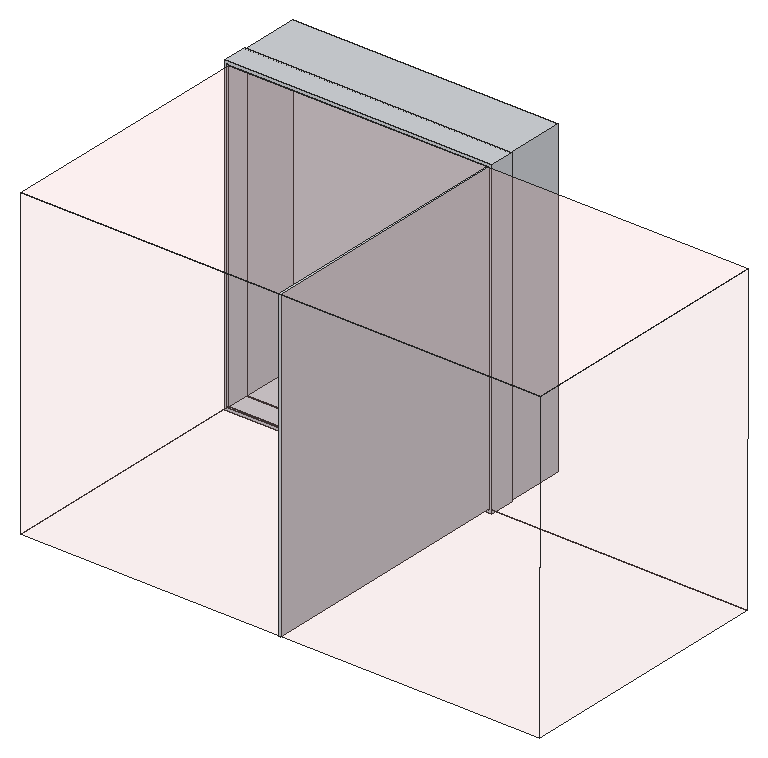
Revit family "Hager-PABLO-Flush_mounted-IP40-With_Cover-With_DIN-NoHosted-IT-it", category Electrical Equipment, Revit 2023
Family settings
  Panel Configuration = Two Columns, Circuits Across
  Round Connector Dimension = Use Diameter
  Part Type = Panelboard
  Work Plane-Based = Yes
  Always vertical = Yes
  Cut with Voids When Loaded = No
  Maintain Annotation Orientation = No
  Shared = No
  Room Calculation Point = No
Parameters (values of type "PABLO-Flush_mounted_W345_H425_D109_12_Modular_Spacing-B04104")
  Width Control [instance] = if([HG000006-Flush mounted-it], if([EF000846 - Larghezza di montaggio] > min_whd, [EF000846 - Larghezza di montaggio], min_whd), if([EF000008 - Larghezza] > min_whd, ([EF000008 - Larghezza]), min_whd))  # 345 mm
  Void Depth [instance] = if([EF000218 - Profondità di incasso] > 1 mm, [EF000218 - Profondità di incasso], 1 mm)  # 77 mm
  Uniformat code = "D501001"
  Uniformat = "Low Tension Service & Dist."
  Référence = ""
  HGEF0002950-Numero moduli DIN = 12
  HGEF000266-Numero di file = 2
  HG000131 - Functional label [instance] = ""
  HG000130 - Functional name [instance] = ""
  HG000099-Onfly Template ID-it-IT = "507532"
  HG000059-Operating voltage-it-IT [instance] = 230 V
  HG000017-Distance between poles-it = 18 mm
  HG000016-Door 3D visibility-it = yes
  HG000015-Clearance visibility-it = yes
  HG000014-Door on the right-it = yes
  HG000013-Door on the left-it = not([HG000014-Door on the right-it])  # no
  HG000012-Door swing angle-it = 90.00°
  HG000011-Empty rows from bottom-it = no
  HG000010-Asymmetric doors-it = no
  HG000009-Double swing door-it = no
  HG000008-Number of empty rows-it = 0
  HG000007-Number of empty columns-it = 0
  HG000006-Flush mounted-it = yes
  HG000005-Thickness-it = 2 mm
  HG000004-Manufacturer reference-it = "B04104"
  HG000003-Range-it = "PABLO"
  HG000002-with door or cover-it = yes
  HG000001 - Numero di colonne = 0
  ETIM class name = "Small distribution board"
  ETIM class code = "EC000214"
  EF015941 - Segnale di passaggio porta = no
  EF015777 - Morsettiera neutra = no
  EF015776 - Morsettiera di terra = no
  EF009212 - Esecuzione coperchio = ""
  EF006306 - Con serratura = no
  EF006244 - Coperchio/porta trasparente = no
  EF005474 - Grado di protezione (IP) = "IP40"
  EF004464 - Tipo di porta = ""
  EF004462 - Tipo di chiusura = ""
  EF002950 - Numero moduli DIN = 12
  EF001596 - Materiale del corpo = ""
  EF001134 - Barra DIN = yes
  EF001131 - Profondità interna = 0 mm
  EF001088 - Possibilità di applicazione = no
  EF001062 - Esecuzione EMC = no
  EF000846 - Larghezza di montaggio = 345 mm
  EF000339 - Tipo di copertura = ""
  EF000332 - Altezza della parte incassata = 405 mm
  EF000266 - Numero di file = 2
  EF000218 - Profondità di incasso = 77 mm
  EF000118 - Con piastra di montaggio = no
  EF000116 - Numero RAL = 9016
  EF000049 - Profondità = 109 mm
  EF000040 - Altezza = 425 mm
  EF000024 - Resistente ai raggi UV = no
  EF000008 - Larghezza = 345 mm
  Type Comments = ""
  System Height [instance] = Height Control - 2 * [HG000005-Thickness-it]  # 401 mm
  Reference description = ""
  Reference = "Template-Enclosure_EU-EC000214"
  Panel Name [instance] = ""  # (empty or 0)
  Offset [instance] = 0 mm
  Object type = ""
  Name hager = "ADD_Enclosures_EC000214"
  Name BIM&CO = "Electricity"
  Name = ""
  Model = ""
  Level Offset [instance] = [Flush Mounted - Door Frame Width] + Offset  # 20 mm
  HG000060-RAL-number = "9016"
  GTIN (Global Trade Item Number) = ""
  EF000007 - Colore = ""
  EF000003 - Tipo di montaggio = "Incassato"
  Description = ""
  Default Elevation = 1200 mm
  Creation Date = ""
  Code hager = "ADD-EC000214_EU"
  Code Uniformat = ""
  BIM&CO code = ""
  BC_METADATA = "{\"ObjectGuid\":\"2a0cc614-8ccd-46e7-b0f1-7b8e4291b305\",\"ModelGuid\":\"4fddb95c-943d-4a19-9faf-58cc779e7682\",\"VariantGuid\":\"d0a759b0-f4a8-4738-b515-9f91f7cdd338\",\"Revision\":\"#6\",\"VariantName\":\"PABLO-Flush_mounted_W345_H425_D109_12_Modular_Spacing-B04104\"}"
  Arrow Offset [instance] = Depth Control / 8  # 9.625 mm
  Arrow Height [instance] = Depth Control - Arrow Offset  # 67.375 mm
  Host Offset [instance] = if([HG000006-Flush mounted-it], 0 mm, [EF000049 - Profondità])  # 0 mm
  min_whd [instance] = (2 * [HG000005-Thickness-it]) + 1 mm  # 5 mm
  Manufacturer = "Hager"  # constant formula
  Height Control [instance] = if([HG000006-Flush mounted-it], if([EF000332 - Altezza della parte incassata] > min_whd, [EF000332 - Altezza della parte incassata], min_whd), if([EF000040 - Altezza] > min_whd, ([EF000040 - Altezza]), min_whd))  # 405 mm
  Flush Mounted - Door Frame Width [instance] = if(([EF000040 - Altezza] - [EF000332 - Altezza della parte incassata]) > 0 mm, if([HG000006-Flush mounted-it], [EF000040 - Altezza] - [EF000332 - Altezza della parte incassata], 0 mm), 0 mm)  # 20 mm
  Depth Control [instance] = if([HG000006-Flush mounted-it], if([EF000218 - Profondità di incasso] > 0 mm, [EF000218 - Profondità di incasso], 1 mm), if([EF000049 - Profondità] > 0 mm, ([EF000049 - Profondità]), 1 mm))  # 77 mm
Types (18, lengths in mm): name | Width Control | Void Depth | HGEF0002950-Numero moduli DIN | HGEF000266-Numero di file | HG000004-Manufacturer reference-it | EF006244 - Coperchio/porta trasparente | EF002950 - Numero moduli DIN | EF000846 - Larghezza di montaggio | EF000332 - Altezza della parte incassata | EF000266 - Numero di file | EF000218 - Profondità di incasso | EF000116 - Numero RAL | EF000049 - Profondità | EF000040 - Altezza | EF000008 - Larghezza | System Height | Level Offset | HG000060-RAL-number | BC_METADATA | Arrow Offset | Arrow Height | Height Control | Flush Mounted - Door Frame Width | Depth Control
  PABLO-Flush_mounted_W345_H425_D109_12_Modular_Spacing-B04104 | 345 | 77 | 12 | 2 | "B04104" | no | 12 | 345 | 405 | 2 | 77 | 9016 | 109 | 425 | 345 | 401 | 20 | "9016" | "{\"ObjectGuid\":\"2a0cc614-8ccd-46e7-b0f1-7b8e4291b305\",\"ModelGuid\":\"4fddb95c-943d-4a19-9faf-58cc779e7682\",\"VariantGuid\":\"d0a759b0-f4a8-4738-b515-9f91f7cdd338\",\"Revision\":\"#6\",\"VariantName\":\"PABLO-Flush_mounted_W345_H425_D109_12_Modular_Spacing-B04104\"}" | 9.625 | 67.375 | 405 | 20 | 77
  PABLO-Flush_mounted_W455_H475_D114_12_Modular_Spacing-B04105 | 455 | 77 | 12 | 2 | "B04105" | no | 12 | 455 | 455 | 2 | 77 | 9016 | 114 | 475 | 455 | 451 | 20 | "9016" | "{\"ObjectGuid\":\"2a0cc614-8ccd-46e7-b0f1-7b8e4291b305\",\"ModelGuid\":\"4fddb95c-943d-4a19-9faf-58cc779e7682\",\"VariantGuid\":\"68bf7635-be27-4574-8cf1-d07818dea149\",\"Revision\":\"#6\",\"VariantName\":\"PABLO-Flush_mounted_W455_H475_D114_12_Modular_Spacing-B04105\"}" | 9.625 | 67.375 | 455 | 20 | 77
  PABLO-Flush_mounted_W175_H191_D25_0_Modular_Spacing-B04941 | 175 | 16 | 0 | 0 | "B04941" | no | 0 | 175 | 160 | 0 | 16 | 0 | 25 | 191 | 175 | 156 | 31 | "0" | "{\"ObjectGuid\":\"2a0cc614-8ccd-46e7-b0f1-7b8e4291b305\",\"ModelGuid\":\"4fddb95c-943d-4a19-9faf-58cc779e7682\",\"VariantGuid\":\"f8ae05e7-7d22-488d-8c00-bb9b22f0254a\",\"Revision\":\"#6\",\"VariantName\":\"PABLO-Flush_mounted_W175_H191_D25_0_Modular_Spacing-B04941\"}" | 2 | 14 | 160 | 31 | 16
  PABLO-Flush_mounted_W211_H191_D25_0_Modular_Spacing-B04942 | 211 | 16 | 0 | 0 | "B04942" | no | 0 | 211 | 160 | 0 | 16 | 9016 | 25 | 191 | 211 | 156 | 31 | "9016" | "{\"ObjectGuid\":\"2a0cc614-8ccd-46e7-b0f1-7b8e4291b305\",\"ModelGuid\":\"4fddb95c-943d-4a19-9faf-58cc779e7682\",\"VariantGuid\":\"1a511315-7559-42e8-87d4-9b78164af7ee\",\"Revision\":\"#6\",\"VariantName\":\"PABLO-Flush_mounted_W211_H191_D25_0_Modular_Spacing-B04942\"}" | 2 | 14 | 160 | 31 | 16
  PABLO-Flush_mounted_W280_H235_D25_0_Modular_Spacing-B04943 | 280 | 16 | 0 | 0 | "B04943" | no | 0 | 280 | 160 | 0 | 16 | 0 | 25 | 235 | 280 | 156 | 75 | "0" | "{\"ObjectGuid\":\"2a0cc614-8ccd-46e7-b0f1-7b8e4291b305\",\"ModelGuid\":\"4fddb95c-943d-4a19-9faf-58cc779e7682\",\"VariantGuid\":\"63e16b07-1304-41dc-b4d2-54931c352868\",\"Revision\":\"#6\",\"VariantName\":\"PABLO-Flush_mounted_W280_H235_D25_0_Modular_Spacing-B04943\"}" | 2 | 14 | 160 | 75 | 16
  PABLO-Flush_mounted_W352_H275_D25_12_Modular_Spacing-B04944 | 352 | 16 | 12 | 1 | "B04944" | no | 12 | 352 | 160 | 1 | 16 | 9016 | 25 | 275 | 352 | 156 | 115 | "9016" | "{\"ObjectGuid\":\"2a0cc614-8ccd-46e7-b0f1-7b8e4291b305\",\"ModelGuid\":\"4fddb95c-943d-4a19-9faf-58cc779e7682\",\"VariantGuid\":\"38bd699e-2bfe-4431-8154-4ddebf2d1a15\",\"Revision\":\"#6\",\"VariantName\":\"PABLO-Flush_mounted_W352_H275_D25_12_Modular_Spacing-B04944\"}" | 2 | 14 | 160 | 115 | 16
  PABLO-Flush_mounted_W460_H275_D25_18_Modular_Spacing-B04945 | 460 | 16 | 18 | 1 | "B04945" | no | 18 | 460 | 160 | 1 | 16 | 9016 | 25 | 275 | 460 | 156 | 115 | "9016" | "{\"ObjectGuid\":\"2a0cc614-8ccd-46e7-b0f1-7b8e4291b305\",\"ModelGuid\":\"4fddb95c-943d-4a19-9faf-58cc779e7682\",\"VariantGuid\":\"efdca5af-6dd7-4c6c-960d-ea80e91ee410\",\"Revision\":\"#6\",\"VariantName\":\"PABLO-Flush_mounted_W460_H275_D25_18_Modular_Spacing-B04945\"}" | 2 | 14 | 160 | 115 | 16
  PABLO-Flush_mounted_W352_H425_D25_12_Modular_Spacing-B04946 | 352 | 16 | 12 | 2 | "B04946" | no | 12 | 352 | 405 | 2 | 16 | 9016 | 25 | 425 | 352 | 401 | 20 | "9016" | "{\"ObjectGuid\":\"2a0cc614-8ccd-46e7-b0f1-7b8e4291b305\",\"ModelGuid\":\"4fddb95c-943d-4a19-9faf-58cc779e7682\",\"VariantGuid\":\"54bf27ca-efac-4af1-8742-6c2701148a03\",\"Revision\":\"#6\",\"VariantName\":\"PABLO-Flush_mounted_W352_H425_D25_12_Modular_Spacing-B04946\"}" | 2 | 14 | 405 | 20 | 16
  PABLO-Flush_mounted_W352_H575_D25_12_Modular_Spacing-B04947 | 352 | 16 | 12 | 3 | "B04947" | no | 12 | 352 | 405 | 3 | 16 | 9016 | 25 | 575 | 352 | 401 | 170 | "9016" | "{\"ObjectGuid\":\"2a0cc614-8ccd-46e7-b0f1-7b8e4291b305\",\"ModelGuid\":\"4fddb95c-943d-4a19-9faf-58cc779e7682\",\"VariantGuid\":\"6db7cb3e-69b2-49d6-a8cc-02b7af286175\",\"Revision\":\"#6\",\"VariantName\":\"PABLO-Flush_mounted_W352_H575_D25_12_Modular_Spacing-B04947\"}" | 2 | 14 | 405 | 170 | 16
  PABLO-Flush_mounted_W460_H575_D25_18_Modular_Spacing-B04948 | 460 | 16 | 18 | 3 | "B04948" | no | 18 | 460 | 405 | 3 | 16 | 9016 | 25 | 575 | 460 | 401 | 170 | "9016" | "{\"ObjectGuid\":\"2a0cc614-8ccd-46e7-b0f1-7b8e4291b305\",\"ModelGuid\":\"4fddb95c-943d-4a19-9faf-58cc779e7682\",\"VariantGuid\":\"1864942c-5e8d-467c-8965-4e9db0fd6af0\",\"Revision\":\"#6\",\"VariantName\":\"PABLO-Flush_mounted_W460_H575_D25_18_Modular_Spacing-B04948\"}" | 2 | 14 | 405 | 170 | 16
  PABLO-Flush_mounted_W175_H191_D25_0_Modular_Spacing-B04951 | 175 | 16 | 0 | 0 | "B04951" | no | 0 | 175 | 160 | 0 | 16 | 9016 | 25 | 191 | 175 | 156 | 31 | "9016" | "{\"ObjectGuid\":\"2a0cc614-8ccd-46e7-b0f1-7b8e4291b305\",\"ModelGuid\":\"4fddb95c-943d-4a19-9faf-58cc779e7682\",\"VariantGuid\":\"d37d6247-f035-4e03-92b8-f2be67cb451b\",\"Revision\":\"#6\",\"VariantName\":\"PABLO-Flush_mounted_W175_H191_D25_0_Modular_Spacing-B04951\"}" | 2 | 14 | 160 | 31 | 16
  PABLO-Flush_mounted_W211_H191_D25_0_Modular_Spacing-B04952 | 211 | 16 | 0 | 0 | "B04952" | no | 0 | 211 | 160 | 0 | 16 | 0 | 25 | 191 | 211 | 156 | 31 | "0" | "{\"ObjectGuid\":\"2a0cc614-8ccd-46e7-b0f1-7b8e4291b305\",\"ModelGuid\":\"4fddb95c-943d-4a19-9faf-58cc779e7682\",\"VariantGuid\":\"da64da52-9e45-4a0c-b1bc-2abe69471082\",\"Revision\":\"#6\",\"VariantName\":\"PABLO-Flush_mounted_W211_H191_D25_0_Modular_Spacing-B04952\"}" | 2 | 14 | 160 | 31 | 16
  PABLO-Flush_mounted_W280_H235_D25_0_Modular_Spacing-B04953 | 280 | 16 | 0 | 0 | "B04953" | no | 0 | 280 | 160 | 0 | 16 | 0 | 25 | 235 | 280 | 156 | 75 | "0" | "{\"ObjectGuid\":\"2a0cc614-8ccd-46e7-b0f1-7b8e4291b305\",\"ModelGuid\":\"4fddb95c-943d-4a19-9faf-58cc779e7682\",\"VariantGuid\":\"04f6d75d-a5db-4a7d-9b06-88772c7f0458\",\"Revision\":\"#6\",\"VariantName\":\"PABLO-Flush_mounted_W280_H235_D25_0_Modular_Spacing-B04953\"}" | 2 | 14 | 160 | 75 | 16
  PABLO-Flush_mounted_W352_H275_D25_12_Modular_Spacing-B04954 | 352 | 16 | 12 | 1 | "B04954" | yes | 12 | 352 | 160 | 1 | 16 | 7031 | 25 | 275 | 352 | 156 | 115 | "7031" | "{\"ObjectGuid\":\"2a0cc614-8ccd-46e7-b0f1-7b8e4291b305\",\"ModelGuid\":\"4fddb95c-943d-4a19-9faf-58cc779e7682\",\"VariantGuid\":\"9aff3c40-16b7-444d-9749-3d02937ebfa8\",\"Revision\":\"#6\",\"VariantName\":\"PABLO-Flush_mounted_W352_H275_D25_12_Modular_Spacing-B04954\"}" | 2 | 14 | 160 | 115 | 16
  PABLO-Flush_mounted_W460_H275_D25_18_Modular_Spacing-B04955 | 460 | 16 | 18 | 1 | "B04955" | no | 18 | 460 | 160 | 1 | 16 | 7031 | 25 | 275 | 460 | 156 | 115 | "7031" | "{\"ObjectGuid\":\"2a0cc614-8ccd-46e7-b0f1-7b8e4291b305\",\"ModelGuid\":\"4fddb95c-943d-4a19-9faf-58cc779e7682\",\"VariantGuid\":\"005ddf15-3d6e-415e-8efa-e8c4e5e456d6\",\"Revision\":\"#6\",\"VariantName\":\"PABLO-Flush_mounted_W460_H275_D25_18_Modular_Spacing-B04955\"}" | 2 | 14 | 160 | 115 | 16
  PABLO-Flush_mounted_W352_H425_D25_12_Modular_Spacing-B04956 | 352 | 16 | 12 | 2 | "B04956" | yes | 12 | 352 | 405 | 2 | 16 | 7031 | 25 | 425 | 352 | 401 | 20 | "7031" | "{\"ObjectGuid\":\"2a0cc614-8ccd-46e7-b0f1-7b8e4291b305\",\"ModelGuid\":\"4fddb95c-943d-4a19-9faf-58cc779e7682\",\"VariantGuid\":\"48c81d81-7748-4f12-a12d-f8632c246ebc\",\"Revision\":\"#6\",\"VariantName\":\"PABLO-Flush_mounted_W352_H425_D25_12_Modular_Spacing-B04956\"}" | 2 | 14 | 405 | 20 | 16
  PABLO-Flush_mounted_W352_H575_D25_12_Modular_Spacing-B04957 | 352 | 16 | 12 | 3 | "B04957" | no | 12 | 352 | 405 | 3 | 16 | 7031 | 25 | 575 | 352 | 401 | 170 | "7031" | "{\"ObjectGuid\":\"2a0cc614-8ccd-46e7-b0f1-7b8e4291b305\",\"ModelGuid\":\"4fddb95c-943d-4a19-9faf-58cc779e7682\",\"VariantGuid\":\"5eda7519-29e3-4116-9e22-2b3b6889a34a\",\"Revision\":\"#6\",\"VariantName\":\"PABLO-Flush_mounted_W352_H575_D25_12_Modular_Spacing-B04957\"}" | 2 | 14 | 405 | 170 | 16
  PABLO-Flush_mounted_W460_H575_D25_18_Modular_Spacing-B04958 | 460 | 16 | 18 | 3 | "B04958" | yes | 18 | 460 | 405 | 3 | 16 | 7031 | 25 | 575 | 460 | 401 | 170 | "7031" | "{\"ObjectGuid\":\"2a0cc614-8ccd-46e7-b0f1-7b8e4291b305\",\"ModelGuid\":\"4fddb95c-943d-4a19-9faf-58cc779e7682\",\"VariantGuid\":\"0cd62faf-5b9f-4e52-b711-824379da4e94\",\"Revision\":\"#6\",\"VariantName\":\"PABLO-Flush_mounted_W460_H575_D25_18_Modular_Spacing-B04958\"}" | 2 | 14 | 405 | 170 | 16
Reference planes
  plane 1 "Center (Front/Back)": y = 0
  plane 2: z = 0
  plane 3 "Center (Left/Right)": x = 0
  plane 4: y = 22
  plane 5: y = 77
  plane 6: y = 20
  plane 7: z = 0
  plane 8: x = -172.5
  plane 9: x = 172.5
  plane 10: x = 170.5
  plane 11: x = -170.5
  plane 12: z = 20
  plane 13: z = 22
  plane 14: y = 5
  plane 15: y = 0
  plane 16: y = 75
  plane 17: z = 423
  plane 18: z = 425
  plane 19: z = 222.5
  plane 20: x = 0
  plane 21: y = -100
  plane 22 "Annotation H": y = -300
  plane 23 "Annotation V": x = 372.5
Forms (mm)
  Extrusion 1, solid
    sketch origin (-208.679, -4572, 20) x (-1, 0, 0) y (0, -1, 0)
      loop
        line (-36.179, -4572) -> (-381.179, -4572) -> (-381.179, -4649) -> (-36.179, -4649) -> (-36.179, -4572)
    from 0 to 405 <- "Height Control"
  Extrusion 2, void
    sketch origin (-350.771, 0, 1219.2) x (1, 0, 0) y (0, 0, 1)
      loop
        line (180.271, -796.2) -> (180.271, -1197.2) -> (521.271, -1197.2) -> (521.271, -796.2) -> (180.271, -796.2)
    from 0 to -75
  Extrusion 3, solid, detail levels coarse+medium
    sketch origin (-350.771, 0, 1219.2) x (-1, 0, 0) y (0, 0, 1)
      loop
        line (-180.271, -796.2) -> (-521.271, -796.2) -> (-521.271, -1197.2) -> (-180.271, -1197.2) -> (-180.271, -796.2)
    from 0 to 2 <- "HG000005-Thickness-it"
Cuts and joins
  Extrusion 2 cuts Extrusion 1
Dimensions and locks
  "Flush Mounted - Door Frame Width": plane 1 "Center (Front/Back)" to plane 6
  "HG000005-Thickness-it": plane 4 to plane 6
  "HG000005-Thickness-it": plane 8 to plane 11
  "HG000005-Thickness-it": plane 9 to plane 10
  equal spacing: plane 8, plane 3 "Center (Left/Right)", plane 9
  "Width Control": plane 8 to plane 9
  locked: plane 14 to plane 15 at 5
  "Host Offset": plane 1 "Center (Front/Back)" to plane 15
  "Depth Control": plane 5 to plane 15
  "HG000005-Thickness-it": plane 5 to plane 16
  "HG000005-Thickness-it": plane 13 to plane 12
  "Level Offset": plane 12 to level
  "HG000005-Thickness-it": plane 18 to plane 17
  "Height Control": plane 18 to plane 12
  "Arrow Offset": plane 5 to nested 4
  equal spacing: plane 18, plane 19, plane 12
  locked: connector elem to plane 19
  locked: connector elem to plane 3 "Center (Left/Right)"
  Extrusion 2 sketch curve to Extrusion 2 sketch curve to plane 9 = 341 mm, 2 mm
  locked: plane 9 to plane 23 "Annotation V" at 200
  locked: plane 22 "Annotation H" to plane 1 "Center (Front/Back)" at 300
  aligned and locked: nested 1 to plane 14
  aligned and locked: plane 3 "Center (Left/Right)" to nested 1
  aligned and locked: plane 3 "Center (Left/Right)" to nested 2
  aligned and locked: nested 2 to plane 15
  aligned and locked: plane 5 to Extrusion 1
  aligned and locked: Extrusion 3 sketch curve to plane 17
  aligned and locked: Extrusion 3 sketch curve to plane 11
  aligned and locked: plane 13 to Extrusion 3 sketch curve
  aligned and locked: Extrusion 3 sketch curve to plane 10
  aligned and locked: plane 13 to Extrusion 2 sketch curve
  aligned and locked: Extrusion 2 sketch curve to plane 17
  aligned and locked: plane 16 to Extrusion 2
  aligned and locked: plane 5 to Extrusion 1 sketch curve
  aligned and locked: plane 9 to Extrusion 1 sketch curve
  aligned and locked: plane 8 to Extrusion 1 sketch curve
  aligned and locked: plane 8 to nested 4
  aligned and locked: plane 8 to nested 3
  aligned and locked: nested 3 to plane 5
  aligned and locked: Extrusion 1 sketch curve to plane 15
  aligned and locked: Extrusion 2 to plane 15
  aligned and locked: nested 5 to plane 22 "Annotation H"
  aligned and locked: plane 23 "Annotation V" to nested 5
  aligned and locked: plane 11 to Extrusion 2
  aligned and locked: plane 10 to Extrusion 2
Nested families
  nested 1: "Hager_Enclosure_System" at (0, 5, 22), Height <- "System Height", Width_Control <- "Width Control", Built-in_Width <- "EF000846 - Larghezza di montaggio", Width <- "EF000008 - Larghezza", Depth <- "HG000005-Thickness-it", Border <- "HG000005-Thickness-it", Distance_Between_Poles <- "HG000017-Distance between poles-it", Flush_Mounted <- "HG000006-Flush mounted-it", Empty_Columns <- "HG000007-Number of empty columns-it", Total_No_Empty_Rows <- "HG000008-Number of empty rows-it", Empty_Rows_From_Bottom <- "HG000011-Empty rows from bottom-it", Columns_Count <- "HG000001 - Numero di colonne", Rows_Count <- "HGEF000266-Numero di file", Row_Module_Multiplicator <- "HGEF0002950-Numero moduli DIN", type "Hager_Enclosure_System", detail levels medium+fine
    with Width_Control 345 mm, Width 345 mm, Total_No_Rows 2, Total_No_Empty_Rows 0, Total_No_Columns 1, System_Width 341 mm, Rows_Count 2, Rows_Column 2, Row_Module_Multiplicator 12, Panel_4 no, Panel_3 no, Panel_2 no, Panel_1 no, No_Panels_Ctrl 1, Hide_Columns yes, Height 401 mm, Flush_Mounted yes, Empty_Rows_From_Bottom no, Empty_Rows_Column 0, Empty_Columns 0, Empty column 4 0, Empty column 3 0, Empty column 2 0, Empty column 1 0, Distance_Between_Poles 18 mm, Depth 2 mm, Columns_Count 0, Column_Width 341 mm, Built-in_Width 345 mm, Border 2 mm
  nested 2: "Hager_Enclosure_Door" at (0, 0, 20), Height_Ctrl <- "Height Control", Width_Ctrl <- "Width Control", BuiltIn_Depth <- "EF000218 - Profondità di incasso", Depth <- "EF000049 - Profondità", BuiltIn_Width <- "EF000846 - Larghezza di montaggio", Height <- "EF000040 - Altezza", BuiltIn_Height <- "EF000332 - Altezza della parte incassata", Width <- "EF000008 - Larghezza", Border <- "HG000005-Thickness-it", Door <- "HG000002-with door or cover-it", Flush_Mounted <- "HG000006-Flush mounted-it", Double <- "HG000009-Double swing door-it", Assymetrical <- "HG000010-Asymmetric doors-it", Angle <- "HG000012-Door swing angle-it", Door_Left <- "HG000013-Door on the left-it", Door_Right <- "HG000014-Door on the right-it", Clearance <- "HG000015-Clearance visibility-it", 3d_Door <- "HG000016-Door 3D visibility-it", Transparent <- "EF006244 - Coperchio/porta trasparente", type "Hager_Enclosure_Door", detail levels medium+fine
    with min_wh 5 mm, Width_Ctrl 345 mm, Width 345 mm, Transparent_Door_No_Bottom_Border no, Transparent no, Leaf_Width 338 mm, Leaf_Tolerance 1.5 mm, Leaf_Height 398 mm, Leaf_2_Width 338 mm, Leaf_2_Offset 169 mm, Leaf_1_Width 338 mm, Leaf_1_Offset 169 mm, Height_Ctrl 405 mm, Height 425 mm, Frame_Width_Ctrl 1 mm, Frame_Width 0 mm, Frame_Internal_Offset 2 mm, Frame_Height_Ctrl 20 mm, Frame_Height 20 mm, Frame_Depth_Ctrl 32 mm, Frame_Depth 32 mm, Flush_Mounted yes, Double_Clearance_Ctrl no, Double no, Door_Right_Ctrl yes, Door_Right yes, Door_Left_Ctrl no, Door_Left no, Door yes, Depth 109 mm, Clearance_Depth 338 mm, Clearance_Ctrl yes, Clearance yes, BuiltIn_Width 345 mm, BuiltIn_Height 405 mm, BuiltIn_Depth 77 mm, Border 2 mm, Assymetrical no, Angle 90.00°, 3d_Door yes
  nested 3: "Hager_Enclosure_Symbol_Triangle" at (-172.5, 77, 0), Depth <- "Depth Control", Width <- "Width Control", type "Hager_Enclosure_Symbol_Triangle"
    with Width_Ctrl 345 mm, Width 345 mm, Depth_Ctrl 77 mm, Depth 77 mm
  nested 4: "Hager_Enclosure_Symbol_Arrow" at (-172.5, 67.375, 0), Height <- "Arrow Height", type "Hager_Enclosure_Symbol_Arrow"
    with Width_Inside 5.053 mm, Width 60.638 mm, Height_Ctrl 67.375 mm, Height 67.375 mm
  nested 5: "Hager_Annotation-HG000130" at (372.5, -300, 0), HG000130 - Functional name <- "HG000130 - Functional name", type "Hager_Annotation-HG000130"
    with HG000130 - Functional name ""
Connectors
  electrical at (0, 77, 222.5), driven by "HG000059-Operating voltage-it-IT"
    settings: on plane 5, index 1, voltage 230 V, apparent load 0 VA, apparent load phase1 0 VA, apparent load phase2 0 VA, apparent load phase3 0 VA, power factor 1, load classification "Other", number of poles 1, system type 30, power factor state 1, is connector primary yes, connector utility no, sub classification motor no, connector description ""
Definition of nested family "Hager_Enclosure_Door"
  Parameters (values of type "Hager_Enclosure_Door")
    min_wh [instance] = (2 * Border) + 1 mm  # 11 mm
    Width_Ctrl [instance] = 400 mm
    Width [instance] = 500 mm
    Transparent_Door_No_Bottom_Border [instance] = no
    Transparent [instance] = yes
    Leaf_Width [instance] = if((Width_Ctrl - 2 * Border - 2 * Leaf_Tolerance) > 0 mm, (Width_Ctrl - 2 * Border - 2 * Leaf_Tolerance), min_wh)  # 387 mm
    Leaf_Tolerance [instance] = 1.5 mm  # constant formula
    Leaf_Height [instance] = if((Height_Ctrl - 2 * Border - 2 * Leaf_Tolerance) > 0 mm, (Height_Ctrl - 2 * Border - 2 * Leaf_Tolerance), min_wh)  # 387 mm
    Leaf_2_Width [instance] = if(and(and(Double, Assymetrical), Door_Left), (Leaf_Width / 3) - (Leaf_Tolerance / 2), if(and(and(Double, Assymetrical), Door_Right), (Leaf_Width / 3) * 2 - (Leaf_Tolerance / 2), if(and(Double, not(Assymetrical)), (Leaf_Width / 2) - Leaf_Tolerance, Leaf_Width)))  # 387 mm
    Leaf_2_Offset [instance] = if(and(Double, Assymetrical), Leaf_2_Width / 2, if(and(Double, not(Assymetrical)), Leaf_Width / 4, Leaf_Width / 2))  # 193.5 mm
    Leaf_1_Width [instance] = if(and(and(Double, Assymetrical), Door_Right), (Leaf_Width / 3) - (Leaf_Tolerance / 2), if(and(and(Double, Assymetrical), Door_Left), (Width / 3) * 2 - (Leaf_Tolerance / 2), if(and(Double, not(Assymetrical)), (Leaf_Width / 2) - Leaf_Tolerance, Leaf_Width)))  # 387 mm
    Leaf_1_Offset [instance] = if(and(Double, Assymetrical), Leaf_1_Width / 2, if(and(Double, not(Assymetrical)), Leaf_Width / 4, Leaf_Width / 2))  # 193.5 mm
    Height_Ctrl [instance] = 400 mm
    Height [instance] = 500 mm
    Frame_Width_Ctrl [instance] = if(Frame_Width > 0 mm, Frame_Width, 1 mm)  # 1 mm
    Frame_Width [instance] = Width - BuiltIn_Width  # 0 mm
    Frame_Internal_Offset [instance] = if(Flush_Mounted, Border, 0 mm)  # 5 mm
    Frame_Height_Ctrl [instance] = if(Frame_Height > 0 mm, Frame_Height, 1 mm)  # 1 mm
    Frame_Height [instance] = Height - BuiltIn_Height  # 0 mm
    Frame_Depth_Ctrl [instance] = if(Frame_Depth > 0 mm, Frame_Depth, 1 mm)  # 1 mm
    Frame_Depth [instance] = if(Depth - BuiltIn_Depth > 0 mm, if(Flush_Mounted, Depth - BuiltIn_Depth, 0 mm), 0 mm)  # 0 mm
    Flush_Mounted [instance] = yes
    Double_Clearance_Ctrl [instance] = and(Double, Clearance)  # no
    Double [instance] = no
    Door_Right_Ctrl [instance] = and(or(Door_Right, Double), Door)  # yes
    Door_Right [instance] = yes
    Door_Left_Ctrl [instance] = and(or(Door_Left, Double), Door)  # no
    Door_Left [instance] = no
    Door [instance] = yes
    Depth [instance] = 500 mm
    Default Elevation = 1219.2 mm
    Clearance_Material = none
    Clearance_Depth [instance] = if(Leaf_1_Width > Leaf_2_Width, Leaf_1_Width, Leaf_2_Width)  # 387 mm
    Clearance_Ctrl [instance] = and(not(Double), Clearance)  # yes
    Clearance [instance] = yes
    BuiltIn_Width [instance] = 500 mm
    BuiltIn_Height [instance] = 500 mm
    BuiltIn_Depth [instance] = 500 mm
    Border [instance] = 5 mm
    Assymetrical [instance] = yes
    Angle [instance] = 30.00°
    3d_Door [instance] = yes
  Reference planes
    plane 1 "Center (Front/Back)": y = 0
    plane 2 "Bottom": z = 0
    plane 3 "Center (Left/Right)": x = 0
    plane 4: z = 400
    plane 5: x = -200
    plane 6: x = 200
    plane 7: z = 395
    plane 8: x = -195
    plane 9: z = 5
    plane 10: x = 195
    plane 11: y = 0
    plane 12: z = 6.5
    plane 13: x = -582
    plane 14: y = -387
    plane 15: x = 582
    plane 16: x = 0
    plane 17: x = 0
    plane 18: x = -193.5
    plane 19: x = 193.5
    plane 20: z = 393.5
  Forms (mm)
    Extrusion 1, solid, visible <- "Flush_Mounted"
      sketch origin (0, 0, 0) x (1, 0, 0) y (0, 0, 1)
        loop
          line (195, 5) -> (195, 395) -> (-195, 395) -> (-195, 5) -> (195, 5)
        loop
          line (-201, 401) -> (-201, -1) -> (201, -1) -> (201, 401) -> (-201, 401)
      from 0 to 1 <- "Frame_Depth_Ctrl"
    Extrusion 2, solid, material <- "Clearance_Material", visible <- "Double_Clearance_Ctrl"
      sketch origin (1200, 0, 0) x (1, 0, 0) y (0, 0, -1)
        loop
          line (-1782, -393.5) -> (-618, -393.5) -> (-618, 0) -> (-1782, 0) -> (-1782, -393.5)
      from 0 to -387
  Dimensions and locks
    equal spacing: plane 5, plane 3 "Center (Left/Right)", plane 6
    "Width_Ctrl": plane 5 to plane 6
    "Border": plane 5 to plane 8
    "Border": plane 6 to plane 10
    "Border": plane 9 to level
    "Border": plane 4 to plane 7
    "Height_Ctrl": plane 4 to level
    "Leaf_Tolerance": plane 12 to plane 9
    "Frame_Depth": plane 11 to plane 1 "Center (Front/Back)"
    "Frame_Width_Ctrl": plane 5 to Extrusion 1 sketch curve
    "Frame_Width_Ctrl": plane 6 to Extrusion 1 sketch curve
    "Frame_Width_Ctrl": Extrusion 1 sketch curve to plane 4
    "Frame_Width_Ctrl": plane 2 "Bottom" to Extrusion 1 sketch curve
    "Leaf_1_Offset": plane 18 to plane 16
    "Leaf_2_Offset": plane 17 to plane 19
    "Leaf_1_Width": plane 13 to plane 8
    "Leaf_2_Width": plane 10 to plane 15
    "Clearance_Depth": plane 14 to plane 1 "Center (Front/Back)"
    "Leaf_Tolerance": plane 8 to plane 18
    "Leaf_Tolerance": plane 19 to plane 10
    "Leaf_Tolerance": plane 7 to plane 20
    "Frame_Internal_Offset": plane 5 to Extrusion 1 sketch curve
    "Frame_Internal_Offset": Extrusion 1 sketch curve to plane 2 "Bottom"
    "Frame_Internal_Offset": plane 6 to Extrusion 1 sketch curve
    "Frame_Internal_Offset": plane 4 to Extrusion 1 sketch curve
    aligned and locked: level to plane 2 "Bottom"
    aligned and locked: nested 1 to plane 16
    aligned and locked: nested 2 to plane 17
    aligned and locked: Extrusion 2 to plane 13
    aligned and locked: plane 15 to Extrusion 2
    aligned and locked: Extrusion 2 to plane 14
    aligned and locked: plane 12 to nested 1
    aligned and locked: nested 2 to plane 12
    aligned and locked: Extrusion 2 to plane 11
    aligned and locked: plane 20 to Extrusion 2
    aligned and locked: nested 2 to plane 11
    aligned and locked: nested 1 to plane 11
  Automatic sketch dimensions
    Extrusion 2 sketch curve to level = 0 mm
    plane 5 to Extrusion 2 sketch curve = 382 mm
    plane 6 to Extrusion 2 sketch curve = 382 mm
    Extrusion 2 sketch curve to plane 4 = 6.5 mm
  Nested families
    nested 1: "Hager_Enclosure_Door_Leaf" at (0, 0, 6.5), Width <- "Leaf_1_Width", visible <- "Door_Left_Ctrl", Leaf_Height <- "Leaf_Height", Angle <- "Angle", Depth <- "Border", 3d_Door <- "3d_Door", Transparent <- "Transparent", Clearance Material <- "Clearance_Material", Clearance <- "Clearance_Ctrl", Transparent_Door_No_Bottom_Border <- "Transparent_Door_No_Bottom_Border", type "Hager_Enclosure_Door_Leaf"
      with Width 387 mm, Transparent_Door_No_Bottom_Border no, Transparent_Door_Border_Bottom_Top 25 mm, Transparent_Door_Border 25 mm, Transparent_Ctrl yes, Transparent yes, Standard no, Leaf_Height 387 mm, Glass_Offset 1 mm, Depth 5 mm, Clearance Material none, Clearance yes, Angle_Ctrl 30.00°, Angle 30.00°, 3d_Door yes
    nested 2: "Hager_Enclosure_Door_Leaf" at (0, 0, 6.5) x (-1, 0, 0) z (0, 0, 1), Width <- "Leaf_2_Width", visible <- "Door_Right_Ctrl", Leaf_Height <- "Leaf_Height", Angle <- "Angle", Depth <- "Border", 3d_Door <- "3d_Door", Transparent <- "Transparent", Clearance Material <- "Clearance_Material", Clearance <- "Clearance_Ctrl", Transparent_Door_No_Bottom_Border <- "Transparent_Door_No_Bottom_Border", type "Hager_Enclosure_Door_Leaf"
      with Width 387 mm, Transparent_Door_No_Bottom_Border no, Transparent_Door_Border_Bottom_Top 25 mm, Transparent_Door_Border 25 mm, Transparent_Ctrl yes, Transparent yes, Standard no, Leaf_Height 387 mm, Glass_Offset 1 mm, Depth 5 mm, Clearance Material none, Clearance yes, Angle_Ctrl 30.00°, Angle 30.00°, 3d_Door yes
  Definition of nested family "Hager_Enclosure_Door_Leaf"
    Parameters (values of type "Hager_Enclosure_Door_Leaf")
      Width [instance] = 2000 mm
      Transparent_Door_No_Bottom_Border [instance] = yes
      Transparent_Door_Border_Bottom_Top [instance] = if(Transparent_Door_No_Bottom_Border, 0.1 mm, Transparent_Door_Border)  # 0.1 mm
      Transparent_Door_Border [instance] = if(Transparent_Door_No_Bottom_Border, (Width * 0.12), 25 mm)  # 240 mm
      Transparent_Ctrl [instance] = and(Transparent, [3d_Door])  # yes
      Transparent [instance] = yes
      Standard [instance] = and(not(Transparent), [3d_Door])  # no
      Leaf_Height [instance] = 2720.336 mm
      Glass_Offset [instance] = if((Depth - 10 mm) / 2 > 0 mm, (Depth - 10 mm) / 2, 1 mm)  # 15 mm
      Glass_Material = none
      Depth [instance] = 40 mm
      Default Elevation = 0 mm
      Clearance Material [instance] = none
      Clearance [instance] = yes
      Angle_Ctrl [instance] = if(Angle > 170.00°, 170.00°, Angle)  # 45.00°
      Angle [instance] = 45.00°
      3d_Door [instance] = yes
    Reference planes
      plane 1 "Center (Front/Back)": y = 0
      plane 2: z = 0
      plane 3 "Center (Left/Right)": x = 0
      plane 4: y = 2000
      plane 5: x = -1000
      plane 6: x = 1000
      plane 7: x = -3000
      plane 8: z = 2720.336
      plane 9: z = 0.1
      plane 10: z = 2720.236
      plane 11: x = 760
      plane 12: x = -760
    Forms (mm)
      Extrusion 1, solid, material <- "Clearance Material", visible <- "Clearance"
        sketch origin (0, 0, 0) x (1, 0, 0) y (0, 0, 1)
          loop
            line (-3000, 2720.336) -> (-3000, 0) -> (1000, 0) -> (1000, 2720.336) -> (-3000, 2720.336)
        from 0 to -2000
      Extrusion 2, solid, visible <- "Standard", detail levels medium+fine
        sketch origin (-1000, 0, 0) x (0.707107, 0.707107, 0) y (-0.707107, 0.707107, 0)
          loop
            line (0, -40) -> (2000, -40) -> (2000, 0) -> (0, 0) -> (0, -40)
        from 0 to 2720.336 <- "Leaf_Height"
      Extrusion 3, solid, visible <- "Transparent_Ctrl", detail levels medium+fine
        sketch origin (-1000, 0, 0) x (0.707107, 0.707107, 0) y (-0.707107, 0.707107, 0)
          loop
            line (0, -40) -> (2000, -40) -> (2000, 0) -> (0, 0) -> (0, -40)
        from 0 to 2720.336 <- "Leaf_Height"
      Extrusion 4, void, detail levels medium+fine
        sketch origin (-1000, 0, 0) x (-0.707107, 0.707107, 0) y (0.707107, 0.707107, 0)
          loop
            line (0, 240) -> (0, 1760) -> (-40, 1760) -> (-40, 240) -> (0, 240)
        from -2720.236 to -0.1
      Extrusion 5, solid, material <- "Glass_Material", visible <- "Transparent_Ctrl", detail levels medium+fine
        sketch origin (-1000, 0, 0) x (0.707107, 0.707107, 0) y (-0.707107, 0.707107, 0)
          loop
            line (240, -15) -> (240, -25) -> (1760, -25) -> (1760, -15) -> (240, -15)
        from 0.1 to 2720.236
    Cuts and joins
      Extrusion 4 cuts Extrusion 3
    Lines and regions (mm)
      symbolic lines
        curve 1: line (1000, 0, 0) -> (-3000, 0, 0)
        curve 2: arc (1000, 0, 0) -> (-1000, 2000, 0) -> (-3000, 0, 0) r 2000
        curve 4: line (-1000, 0, 0) -> (414.214, 1414.214, 0)
      reference lines
        curve 3: line (-1000, 0, 0) -> (414.214, 1414.214, 0)
      symbolic lines, detail levels medium+fine
        curve 5: line (414.214, 1414.214, 0) -> (442.498, 1385.929, 0)
        curve 6: line (442.498, 1385.929, 0) -> (-971.716, -28.284, 0)
        curve 7: line (-971.716, -28.284, 0) -> (-1000, 0, 0)
        curve 8: line (-1000, 0, 2720.336) -> (1000, 0, 2720.336)
        curve 9: line (-1000, 0, 0) -> (-1000, 0, 2720.336)
        curve 10: line (1000, 0, 0) -> (-1000, 0, 0)
        curve 11: line (1000, 0, 2720.336) -> (1000, 0, 0)
      symbolic lines, visible <- "Transparent_Ctrl", detail levels medium+fine
        curve 12: line (-760, 0, 2720.236) -> (760, 0, 2720.236)
        curve 13: line (-760, 0, 0.1) -> (-760, 0, 2720.236)
        curve 14: line (760, 0, 0.1) -> (-760, 0, 0.1)
        curve 15: line (760, 0, 2720.236) -> (760, 0, 0.1)
    Dimensions and locks
      "Width": plane 1 "Center (Front/Back)" to plane 4
      equal spacing: plane 5, plane 3 "Center (Left/Right)", plane 6
      "Width": plane 5 to plane 6
      "Width": plane 7 to plane 5
      "Leaf_Height": plane 8 to level
      "Depth": curve 6 to curve 3
      "Width": curve 5 to curve 3
      "Width": curve 3 to curve 3
      "Transparent_Door_Border": Extrusion 4 sketch curve to curve 7
      "Transparent_Door_Border": Extrusion 4 sketch curve to curve 5
      "Transparent_Door_Border_Bottom_Top": plane 8 to plane 10
      "Transparent_Door_Border_Bottom_Top": plane 9 to level
      "Glass_Offset": Extrusion 5 sketch curve to curve 4
      "Glass_Offset": Extrusion 5 sketch curve to curve 6
      "Transparent_Door_Border": Extrusion 5 sketch curve to curve 5
      "Transparent_Door_Border": Extrusion 5 sketch curve to curve 7
      "Transparent_Door_Border": plane 12 to plane 5
      "Transparent_Door_Border": plane 6 to plane 11
      "Angle_Ctrl": angle plane 1 "Center (Front/Back)" to curve 3
      aligned and locked: level to plane 2
      aligned and locked: Extrusion 1 to curve 1
      aligned and locked: plane 6 to Extrusion 1
      aligned and locked: Extrusion 1 to plane 1 "Center (Front/Back)"
      aligned and locked: plane 4 to Extrusion 1
      aligned and locked: plane 8 to Extrusion 1
      aligned and locked: curve 4 to curve 3
      aligned and locked: Extrusion 2 sketch curve to curve 7
      aligned and locked: Extrusion 2 sketch curve to curve 6
      aligned and locked: Extrusion 2 sketch curve to curve 5
      aligned and locked: Extrusion 2 sketch curve to curve 3
      aligned and locked: curve 7 to Extrusion 3 sketch curve
      aligned and locked: Extrusion 3 sketch curve to curve 4
      aligned and locked: Extrusion 3 sketch curve to curve 6
      aligned and locked: Extrusion 3 sketch curve to curve 5
      aligned and locked: curve 4 to Extrusion 4 sketch curve
      aligned and locked: curve 6 to Extrusion 4 sketch curve
      aligned and locked: Extrusion 4 to plane 9
      aligned and locked: Extrusion 4 to plane 10
      aligned and locked: Extrusion 5 to plane 9
      aligned and locked: Extrusion 5 to plane 10
      aligned and locked: curve 8 to plane 8
      aligned and locked: plane 5 to curve 9
      aligned and locked: plane 2 to curve 10
      aligned and locked: curve 11 to plane 6
      aligned and locked: plane 10 to curve 12
      aligned and locked: plane 12 to curve 13
      aligned and locked: curve 14 to plane 9
      aligned and locked: plane 11 to curve 15
    Automatic sketch dimensions
      plane 1 "Center (Front/Back)" to curve 2 = 0 mm
      curve 2 to plane 5 = 0 mm
      Extrusion 1 sketch curve to level = 0 mm
      Extrusion 1 sketch curve to plane 7 = 0 mm
      Extrusion 1 sketch curve to plane 6 = 0 mm
      Extrusion 1 sketch curve to plane 8 = 0 mm
      plane 1 "Center (Front/Back)" to curve 3 = 0 mm
      curve 3 to plane 5 = 0 mm
      curve 7 to curve 3 = 0 mm
Definition of nested family "Hager_Enclosure_Symbol_Triangle"
  Parameters (values of type "Hager_Enclosure_Symbol_Triangle")
    Width_Ctrl [instance] = if(Width > 1 mm, Width, 1 mm)  # 498 mm
    Width [instance] = 498 mm
    Depth_Ctrl [instance] = if(Depth > 1 mm, Depth, 1 mm)  # 72 mm
    Depth [instance] = 72 mm
  Reference planes
    plane 1 "Centre (avant/arrière)": y = 0
    plane 2: z = 0
    plane 3 "Centre (gauche/droite)": x = 0
  Lines and regions (mm)
    Filled region 1, type "Solid_Black", in view "Niveau de réf."
      outline origin (0, 0, 0) x (1, 0, 0) y (0, 1, 0)
        loop
          line (0, 0) -> (498, 0) -> (498, 72) -> (0, 0)
    reference lines, in view "Niveau de réf."
      curve 1: line (-206.153, 72, 0) -> (1083.258, 72, 0)
      curve 2: line (498, 405.456, 0) -> (498, -517.619, 0)
  Dimensions and locks
    "Depth_Ctrl": plane 1 "Centre (avant/arrière)" to curve 1
    "Width_Ctrl": plane 3 "Centre (gauche/droite)" to curve 2
    aligned and locked: curve 1 to Filled region 1 sketch curve
    aligned and locked: Filled region 1 sketch curve to plane 1 "Centre (avant/arrière)"
    aligned and locked: curve 2 to Filled region 1 sketch curve
    aligned and locked: plane 3 "Centre (gauche/droite)" to Filled region 1 sketch curve
    aligned and locked: plane 1 "Centre (avant/arrière)" to Filled region 1 sketch curve
  Automatic sketch dimensions
    curve 1 to plane 3 "Centre (gauche/droite)" = 206.153 mm
    curve 2 to curve 1 = 585.258 mm
    plane 1 "Centre (avant/arrière)" to curve 2 = 517.619 mm
    curve 2 to plane 1 "Centre (avant/arrière)" = 405.456 mm
Definition of nested family "Hager_Enclosure_Symbol_Arrow"
  Parameters (values of type "Hager_Enclosure_Symbol_Arrow")
    Width_Inside [instance] = if(Width / 12 > 2 mm, Width / 12, 2 mm)  # 4.987 mm
    Width [instance] = if(Height_Ctrl * 0.9 > 2 mm, Height_Ctrl * 0.9, 2 mm)  # 59.85 mm
    Height_Ctrl [instance] = if(Height > 2 mm, Height, 2 mm)  # 66.5 mm
    Height [instance] = 66.5 mm
  Reference planes
    plane 1 "Centre (avant/arrière)": y = 0
    plane 2: z = 0
    plane 3 "Centre (gauche/droite)": x = 0
    plane 4: x = 59.85
    plane 5: y = 28.263
    plane 6: y = 38.238
    plane 7: y = 66.5
    plane 8: x = 29.925
    plane 9: y = 33.25
  Lines and regions (mm)
    Filled region 1, type "Solid_Black", in view "Niveau de réf."
      outline origin (0, 0, 0) x (1, 0, 0) y (0, 1, 0)
        loop
          line (59.85, 66.5) -> (37.929, 52.827) -> (51.846, 41.935) -> (59.85, 66.5)
    detail lines, in view "Niveau de réf."
      curve 1: line (0, 0, 0) -> (29.925, 38.238, 0)
      curve 2: line (29.925, 38.238, 0) -> (29.925, 28.263, 0)
      curve 3: line (29.925, 28.263, 0) -> (59.85, 66.5, 0)
  Dimensions and locks
    "Width": plane 3 "Centre (gauche/droite)" to plane 4
    "Height_Ctrl": plane 7 to plane 1 "Centre (avant/arrière)"
    equal spacing: plane 3 "Centre (gauche/droite)", plane 8, plane 4
    equal spacing: plane 7, plane 9, plane 1 "Centre (avant/arrière)"
    equal spacing: plane 6, plane 9, plane 5
    "Width_Inside": plane 6 to plane 9
    equal spacing: curve 3, Filled region 1 sketch curve, Filled region 1 sketch curve
    angle Filled region 1 sketch curve to curve 3 = 20.00°
    angle curve 3 to Filled region 1 sketch curve = 20.00°
    locked: curve 3 to Filled region 1 sketch curve (angle 90.00°)
  Automatic sketch dimensions
    plane 1 "Centre (avant/arrière)" to curve 1 = 0 mm
    curve 1 to plane 3 "Centre (gauche/droite)" = 0 mm
    curve 2 to plane 6 = 0 mm
    curve 3 to plane 8 = 0 mm
    curve 3 to plane 4 = 0 mm
    curve 2 to plane 5 = 0 mm
    curve 3 to plane 7 = 0 mm
    Filled region 1 sketch curve to plane 4 = 0 mm
    Filled region 1 sketch curve to plane 7 = 0 mm
Definition of nested family "Hager_Annotation-HG000130"
  Parameters (values of type "Hager_Annotation-HG000130")
    HG000130 - Functional name [instance] = ""
  Reference planes
    plane 1: y = 0
    plane 2: x = 0
  Lines and regions (mm)
    detail lines
      curve 1: line (-27.5, 10, 0) -> (27.5, 10, 0)
      curve 2: line (-27.5, -10, 0) -> (-27.5, 10, 0)
      curve 3: line (27.5, -10, 0) -> (-27.5, -10, 0)
      curve 4: line (27.5, 10, 0) -> (27.5, -10, 0)
  Text (mm)
    label "HG000130 - Functional name" at (0.16, 0.026, 0), shows "HG000130 - Functional name"
